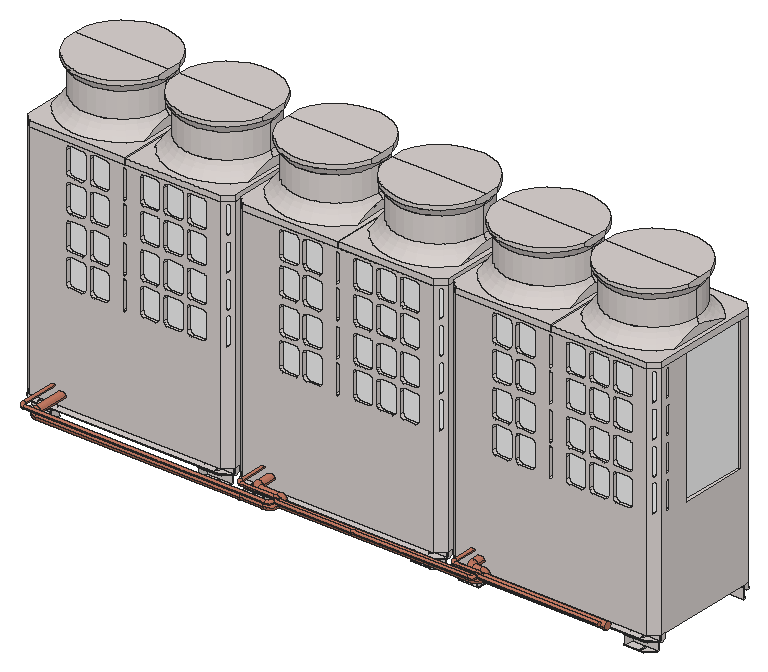
Revit family "PUHY-P1100YSNW-A1", category 機械設備, Revit 2016 (continued)
Definition of nested family "PUHY-P400YNW-A1"
  Lines and regions (mm)
    model lines
      curve 3: line (-481, -197, 95) -> (-351, -197, 95)
      curve 4: line (-492, -280, 95) -> (-492, -208, 95)
      curve 5: arc (-492, -280, 95) -> (-488.778, -287.778, 95) -> (-481, -291, 95) r 11
      curve 6: arc (-351, -291, 95) -> (-344.636, -288.364, 95) -> (-342, -282, 95) r 9
      curve 7: arc (-342, -206, 95) -> (-344.636, -199.636, 95) -> (-351, -197, 95) r 9
      curve 8: arc (-481, -197, 95) -> (-488.778, -200.222, 95) -> (-492, -208, 95) r 11
      curve 9: line (-30, -370, 1521) -> (-30, -370, 95)
      curve 10: line (30, -370, 1521) -> (30, -370, 95)
      curve 11: line (-485, -370, 215) -> (-357, -370, 215)
      curve 12: line (-495, -370, 141) -> (-495, -370, 205)
      curve 13: line (-357, -370, 131) -> (-485, -370, 131)
      curve 14: line (-347, -370, 205) -> (-347, -370, 141)
      curve 15: arc (-485, -370, 215) -> (-492.071, -370, 212.071) -> (-495, -370, 205) r 10
      curve 16: arc (-495, -370, 141) -> (-492.071, -370, 133.929) -> (-485, -370, 131) r 10
      curve 17: arc (-357, -370, 131) -> (-349.929, -370, 133.929) -> (-347, -370, 141) r 10
      curve 18: arc (-347, -370, 205) -> (-349.929, -370, 212.071) -> (-357, -370, 215) r 10
      curve 19: line (-405, -370, 1521) -> (-405, -370, 716)
      curve 20: line (620, -162.3, 1521) -> (620, -162.3, 95)
      curve 21: line (620, 289.2, 1521) -> (620, 289.2, 95)
      curve 22: line (620, -162.3, 705) -> (620, 289.2, 705)
      curve 23: line (620, -162.3, 725) -> (620, 289.2, 725)
      curve 24: line (620, -76.8, 583) -> (620, 203.2, 583)
      curve 25: line (620, 203.2, 563) -> (620, -76.8, 563)
      curve 26: arc (620, -76.8, 583) -> (620, -83.871, 580.071) -> (620, -86.8, 573) r 10
      curve 27: arc (620, -76.8, 563) -> (620, -83.871, 565.929) -> (620, -86.8, 573) r 10
      curve 28: arc (620, 203.2, 583) -> (620, 210.271, 580.071) -> (620, 213.2, 573) r 10
      curve 29: arc (620, 203.2, 563) -> (620, 210.271, 565.929) -> (620, 213.2, 573) r 10
      curve 30: line (620, -76.8, 478) -> (620, 203.2, 478)
      curve 31: line (620, 203.2, 458) -> (620, -76.8, 458)
      curve 32: arc (620, -76.8, 478) -> (620, -83.871, 475.071) -> (620, -86.8, 468) r 10
      curve 33: arc (620, -76.8, 458) -> (620, -83.871, 460.929) -> (620, -86.8, 468) r 10
      curve 34: arc (620, 203.2, 478) -> (620, 210.271, 475.071) -> (620, 213.2, 468) r 10
      curve 35: arc (620, 203.2, 458) -> (620, 210.271, 460.929) -> (620, 213.2, 468) r 10
      curve 36: line (620, -76.8, 373) -> (620, 203.2, 373)
      curve 37: line (620, 203.2, 353) -> (620, -76.8, 353)
      curve 38: arc (620, -76.8, 373) -> (620, -83.871, 370.071) -> (620, -86.8, 363) r 10
      curve 39: arc (620, -76.8, 353) -> (620, -83.871, 355.929) -> (620, -86.8, 363) r 10
      curve 40: arc (620, 203.2, 373) -> (620, 210.271, 370.071) -> (620, 213.2, 363) r 10
      curve 41: arc (620, 203.2, 353) -> (620, 210.271, 355.929) -> (620, 213.2, 363) r 10
      curve 42: line (620, -76.8, 268) -> (620, 203.2, 268)
      curve 43: line (620, 203.2, 248) -> (620, -76.8, 248)
      curve 44: arc (620, -76.8, 268) -> (620, -83.871, 265.071) -> (620, -86.8, 258) r 10
      curve 45: arc (620, -76.8, 248) -> (620, -83.871, 250.929) -> (620, -86.8, 258) r 10
      curve 46: arc (620, 203.2, 268) -> (620, 210.271, 265.071) -> (620, 213.2, 258) r 10
      curve 47: arc (620, 203.2, 248) -> (620, 210.271, 250.929) -> (620, 213.2, 258) r 10
      curve 48: line (-620, -162.3, 1521) -> (-620, -162.3, 95)
      curve 49: line (-620, 235.7, 1521) -> (-620, 235.7, 95)
      curve 50: line (-620, -112.3, 1521) -> (-620, -112.3, 705)
      curve 51: line (-620, 215.7, 1521) -> (-620, 215.7, 705)
      curve 52: line (-620, 235.7, 705) -> (-620, -162.3, 705)
      curve 53: line (-620, 176.7, 268) -> (-620, -103.3, 268)
      curve 54: line (-620, -103.3, 248) -> (-620, 176.7, 248)
      curve 55: arc (-620, 186.7, 258) -> (-620, 183.771, 265.071) -> (-620, 176.7, 268) r 10
      curve 56: arc (-620, 176.7, 248) -> (-620, 183.771, 250.929) -> (-620, 186.7, 258) r 10
      curve 57: arc (-620, -103.3, 268) -> (-620, -110.371, 265.071) -> (-620, -113.3, 258) r 10
      curve 58: arc (-620, -113.3, 258) -> (-620, -110.371, 250.929) -> (-620, -103.3, 248) r 10
      curve 59: line (-620, 176.7, 373) -> (-620, -103.3, 373)
      curve 60: line (-620, -103.3, 353) -> (-620, 176.7, 353)
      curve 61: arc (-620, 186.7, 363) -> (-620, 183.771, 370.071) -> (-620, 176.7, 373) r 10
      curve 62: arc (-620, 176.7, 353) -> (-620, 183.771, 355.929) -> (-620, 186.7, 363) r 10
      curve 63: arc (-620, -103.3, 373) -> (-620, -110.371, 370.071) -> (-620, -113.3, 363) r 10
      curve 64: arc (-620, -113.3, 363) -> (-620, -110.371, 355.929) -> (-620, -103.3, 353) r 10
      curve 65: line (-620, 176.7, 478) -> (-620, -103.3, 478)
      curve 66: line (-620, -103.3, 458) -> (-620, 176.7, 458)
      curve 67: arc (-620, 186.7, 468) -> (-620, 183.771, 475.071) -> (-620, 176.7, 478) r 10
      curve 68: arc (-620, 176.7, 458) -> (-620, 183.771, 460.929) -> (-620, 186.7, 468) r 10
      curve 69: arc (-620, -103.3, 478) -> (-620, -110.371, 475.071) -> (-620, -113.3, 468) r 10
      curve 70: arc (-620, -113.3, 468) -> (-620, -110.371, 460.929) -> (-620, -103.3, 458) r 10
      curve 71: line (-620, 176.7, 583) -> (-620, -103.3, 583)
      curve 72: line (-620, -103.3, 563) -> (-620, 176.7, 563)
      curve 73: arc (-620, 186.7, 573) -> (-620, 183.771, 580.071) -> (-620, 176.7, 583) r 10
      curve 74: arc (-620, 176.7, 563) -> (-620, 183.771, 565.929) -> (-620, 186.7, 573) r 10
      curve 75: arc (-620, -103.3, 583) -> (-620, -110.371, 580.071) -> (-620, -113.3, 573) r 10
      curve 76: arc (-620, -113.3, 573) -> (-620, -110.371, 565.929) -> (-620, -103.3, 563) r 10
      curve 77: line (-544, 370, 1521) -> (-544, 370, 95)
      curve 78: line (489, 370, 649) -> (30, 370, 649)
      curve 79: line (-30.5, 370, 649) -> (-544, 370, 649)
      curve 80: line (-147.25, 370, 584) -> (-427.25, 370, 584)
      curve 81: line (-427.25, 370, 564) -> (-147.25, 370, 564)
      curve 82: arc (-137.25, 370, 574) -> (-140.179, 370, 581.071) -> (-147.25, 370, 584) r 10
      curve 83: arc (-147.25, 370, 564) -> (-140.179, 370, 566.929) -> (-137.25, 370, 574) r 10
      curve 84: arc (-427.25, 370, 584) -> (-434.321, 370, 581.071) -> (-437.25, 370, 574) r 10
      curve 85: arc (-437.25, 370, 574) -> (-434.321, 370, 566.929) -> (-427.25, 370, 564) r 10
      curve 86: circle (448, -185, 1521) r 15 normal (0, 0, 1)
      curve 87: circle (468, -185, 95) r 26 normal (0, 0, 1)
      curve 88: circle (448, -260, 95) r 32.5 normal (0, 0, 1)
      curve 89: circle (404, -204, 95) r 17 normal (0, 0, 1)
      curve 90: line (-550, -370, 1521) -> (-550, -370, 95)
      curve 91: line (-550, -370, 716) -> (-30, -370, 716)
      curve 92: line (550, -370, 95) -> (550, -370, 1521)
      curve 93: line (30, -370, 716) -> (550, -370, 716)
      curve 94: line (-30.5, 370, 1521) -> (-30.5, 370, 95)
      curve 95: line (30, 370, 1521) -> (30, 370, 95)
      curve 96: line (489, 370, 1521) -> (489, 370, 95)
      curve 97: line (467, 370, 669) -> (467, 370, 649)
      curve 98: line (-352, -370, 223) -> (-550, -370, 223)
      curve 99: line (-342, -370, 213) -> (-342, -370, 95)
      curve 100: arc (-342, -370, 213) -> (-344.929, -370, 220.071) -> (-352, -370, 223) r 10
      curve 101: circle (488, -370, 160) r 32.5 normal (0, -1, 0)
      curve 102: circle (488, -370, 160) r 20 normal (0, -1, 0)
      curve 103: circle (364, -370, 150) r 17 normal (0, -1, 0)
      curve 104: circle (413, -370, 185) r 26 normal (0, -1, 0)
      curve 105: circle (413, -370, 185) r 13.5 normal (0, -1, 0)
      curve 106: line (352, -370, 223) -> (550, -370, 223)
      curve 107: line (342, -370, 213) -> (342, -370, 95)
      curve 108: arc (342, -370, 213) -> (344.929, -370, 220.071) -> (352, -370, 223) r 10
      curve 109: line (-147.25, 370, 479) -> (-427.25, 370, 479)
      curve 110: line (-427.25, 370, 459) -> (-147.25, 370, 459)
      curve 111: arc (-137.25, 370, 469) -> (-140.179, 370, 476.071) -> (-147.25, 370, 479) r 10
      curve 112: arc (-147.25, 370, 459) -> (-140.179, 370, 461.929) -> (-137.25, 370, 469) r 10
      curve 113: arc (-427.25, 370, 479) -> (-434.321, 370, 476.071) -> (-437.25, 370, 469) r 10
      curve 114: arc (-437.25, 370, 469) -> (-434.321, 370, 461.929) -> (-427.25, 370, 459) r 10
      curve 115: line (-147.25, 370, 374) -> (-427.25, 370, 374)
      curve 116: line (-427.25, 370, 354) -> (-147.25, 370, 354)
      curve 117: arc (-137.25, 370, 364) -> (-140.179, 370, 371.071) -> (-147.25, 370, 374) r 10
      curve 118: arc (-147.25, 370, 354) -> (-140.179, 370, 356.929) -> (-137.25, 370, 364) r 10
      curve 119: arc (-427.25, 370, 374) -> (-434.321, 370, 371.071) -> (-437.25, 370, 364) r 10
      curve 120: arc (-437.25, 370, 364) -> (-434.321, 370, 356.929) -> (-427.25, 370, 354) r 10
      curve 121: line (-147.25, 370, 269) -> (-427.25, 370, 269)
      curve 122: line (-427.25, 370, 249) -> (-147.25, 370, 249)
      curve 123: arc (-137.25, 370, 259) -> (-140.179, 370, 266.071) -> (-147.25, 370, 269) r 10
      curve 124: arc (-147.25, 370, 249) -> (-140.179, 370, 251.929) -> (-137.25, 370, 259) r 10
      curve 125: arc (-427.25, 370, 269) -> (-434.321, 370, 266.071) -> (-437.25, 370, 259) r 10
      curve 126: arc (-437.25, 370, 259) -> (-434.321, 370, 251.929) -> (-427.25, 370, 249) r 10
      curve 127: line (399.5, 370, 584) -> (119.5, 370, 584)
      curve 128: line (119.5, 370, 564) -> (399.5, 370, 564)
      curve 129: arc (409.5, 370, 574) -> (406.571, 370, 581.071) -> (399.5, 370, 584) r 10
      curve 130: arc (399.5, 370, 564) -> (406.571, 370, 566.929) -> (409.5, 370, 574) r 10
      curve 131: arc (119.5, 370, 584) -> (112.429, 370, 581.071) -> (109.5, 370, 574) r 10
      curve 132: arc (109.5, 370, 574) -> (112.429, 370, 566.929) -> (119.5, 370, 564) r 10
      curve 133: line (399.5, 370, 479) -> (119.5, 370, 479)
      curve 134: line (119.5, 370, 459) -> (399.5, 370, 459)
      curve 135: arc (409.5, 370, 469) -> (406.571, 370, 476.071) -> (399.5, 370, 479) r 10
      curve 136: arc (399.5, 370, 459) -> (406.571, 370, 461.929) -> (409.5, 370, 469) r 10
      curve 137: arc (119.5, 370, 479) -> (112.429, 370, 476.071) -> (109.5, 370, 469) r 10
      curve 138: arc (109.5, 370, 469) -> (112.429, 370, 461.929) -> (119.5, 370, 459) r 10
      curve 139: line (399.5, 370, 374) -> (119.5, 370, 374)
      curve 140: line (119.5, 370, 354) -> (399.5, 370, 354)
      curve 141: arc (409.5, 370, 364) -> (406.571, 370, 371.071) -> (399.5, 370, 374) r 10
      curve 142: arc (399.5, 370, 354) -> (406.571, 370, 356.929) -> (409.5, 370, 364) r 10
      curve 143: arc (119.5, 370, 374) -> (112.429, 370, 371.071) -> (109.5, 370, 364) r 10
      curve 144: arc (109.5, 370, 364) -> (112.429, 370, 356.929) -> (119.5, 370, 354) r 10
      curve 145: line (399.5, 370, 269) -> (119.5, 370, 269)
      curve 146: line (119.5, 370, 249) -> (399.5, 370, 249)
      curve 147: arc (409.5, 370, 259) -> (406.571, 370, 266.071) -> (399.5, 370, 269) r 10
      curve 148: arc (399.5, 370, 249) -> (406.571, 370, 251.929) -> (409.5, 370, 259) r 10
      curve 149: arc (119.5, 370, 269) -> (112.429, 370, 266.071) -> (109.5, 370, 259) r 10
      curve 150: arc (109.5, 370, 259) -> (112.429, 370, 251.929) -> (119.5, 370, 249) r 10
      curve 151: line (399.5, -370, 584) -> (119.5, -370, 584)
      curve 152: line (119.5, -370, 564) -> (399.5, -370, 564)
      curve 153: arc (409.5, -370, 574) -> (406.571, -370, 581.071) -> (399.5, -370, 584) r 10
      curve 154: arc (399.5, -370, 564) -> (406.571, -370, 566.929) -> (409.5, -370, 574) r 10
      curve 155: arc (119.5, -370, 584) -> (112.429, -370, 581.071) -> (109.5, -370, 574) r 10
      curve 156: arc (109.5, -370, 574) -> (112.429, -370, 566.929) -> (119.5, -370, 564) r 10
      curve 157: line (399.5, -370, 479) -> (119.5, -370, 479)
      curve 158: line (119.5, -370, 459) -> (399.5, -370, 459)
      curve 159: arc (409.5, -370, 469) -> (406.571, -370, 476.071) -> (399.5, -370, 479) r 10
      curve 160: arc (399.5, -370, 459) -> (406.571, -370, 461.929) -> (409.5, -370, 469) r 10
      curve 161: arc (119.5, -370, 479) -> (112.429, -370, 476.071) -> (109.5, -370, 469) r 10
      curve 162: arc (109.5, -370, 469) -> (112.429, -370, 461.929) -> (119.5, -370, 459) r 10
      curve 163: line (399.5, -370, 374) -> (119.5, -370, 374)
      curve 164: line (119.5, -370, 354) -> (399.5, -370, 354)
      curve 165: arc (409.5, -370, 364) -> (406.571, -370, 371.071) -> (399.5, -370, 374) r 10
      curve 166: arc (399.5, -370, 354) -> (406.571, -370, 356.929) -> (409.5, -370, 364) r 10
      curve 167: arc (119.5, -370, 374) -> (112.429, -370, 371.071) -> (109.5, -370, 364) r 10
      curve 168: arc (109.5, -370, 364) -> (112.429, -370, 356.929) -> (119.5, -370, 354) r 10
      curve 169: arc (119.5, -370, 269) -> (112.429, -370, 266.071) -> (109.5, -370, 259) r 10
      curve 170: arc (109.5, -370, 259) -> (112.429, -370, 251.929) -> (119.5, -370, 249) r 10
      curve 171: line (-147.25, -370, 584) -> (-427.25, -370, 584)
      curve 172: line (-427.25, -370, 564) -> (-147.25, -370, 564)
      curve 173: arc (-137.25, -370, 574) -> (-140.179, -370, 581.071) -> (-147.25, -370, 584) r 10
      curve 174: arc (-147.25, -370, 564) -> (-140.179, -370, 566.929) -> (-137.25, -370, 574) r 10
      curve 175: arc (-427.25, -370, 584) -> (-434.321, -370, 581.071) -> (-437.25, -370, 574) r 10
      curve 176: arc (-437.25, -370, 574) -> (-434.321, -370, 566.929) -> (-427.25, -370, 564) r 10
      curve 177: line (-147.25, -370, 479) -> (-427.25, -370, 479)
      curve 178: line (-427.25, -370, 459) -> (-147.25, -370, 459)
      curve 179: arc (-137.25, -370, 469) -> (-140.179, -370, 476.071) -> (-147.25, -370, 479) r 10
      curve 180: arc (-147.25, -370, 459) -> (-140.179, -370, 461.929) -> (-137.25, -370, 469) r 10
      curve 181: arc (-427.25, -370, 479) -> (-434.321, -370, 476.071) -> (-437.25, -370, 469) r 10
      curve 182: arc (-437.25, -370, 469) -> (-434.321, -370, 461.929) -> (-427.25, -370, 459) r 10
      curve 183: line (-147.25, -370, 374) -> (-427.25, -370, 374)
      curve 184: line (-427.25, -370, 354) -> (-147.25, -370, 354)
      curve 185: arc (-137.25, -370, 364) -> (-140.179, -370, 371.071) -> (-147.25, -370, 374) r 10
      curve 186: arc (-147.25, -370, 354) -> (-140.179, -370, 356.929) -> (-137.25, -370, 364) r 10
      curve 187: arc (-427.25, -370, 374) -> (-434.321, -370, 371.071) -> (-437.25, -370, 364) r 10
      curve 188: arc (-437.25, -370, 364) -> (-434.321, -370, 356.929) -> (-427.25, -370, 354) r 10
      curve 189: line (-147.25, -370, 269) -> (-262.25, -370, 269)
      curve 190: line (-262.25, -370, 249) -> (-147.25, -370, 249)
      curve 191: arc (-137.25, -370, 259) -> (-140.179, -370, 266.071) -> (-147.25, -370, 269) r 10
      curve 192: arc (-147.25, -370, 249) -> (-140.179, -370, 251.929) -> (-137.25, -370, 259) r 10
      curve 193: arc (-262.25, -370, 269) -> (-269.321, -370, 266.071) -> (-272.25, -370, 259) r 10
      curve 194: arc (-272.25, -370, 259) -> (-269.321, -370, 251.929) -> (-262.25, -370, 249) r 10
      curve 195: line (234.5, -370, 269) -> (119.5, -370, 269)
      curve 196: line (119.5, -370, 249) -> (234.5, -370, 249)
      curve 197: arc (244.5, -370, 259) -> (241.571, -370, 266.071) -> (234.5, -370, 269) r 10
      curve 198: arc (234.5, -370, 249) -> (241.571, -370, 251.929) -> (244.5, -370, 259) r 10
  Dimensions and locks
    nested 2 to nested 2 = 303.000 mm
    cut or joined group 1 (Extrusion 1, Extrusion 2, Extrusion 3, Extrusion 4, Extrusion 5, Extrusion 6, Extrusion 7, Extrusion 8, Extrusion 9, Extrusion 10, Extrusion 11, Extrusion 12, Extrusion 13, Extrusion 14, Extrusion 15, Extrusion 16, Extrusion 17, Extrusion 18, Extrusion 19, Extrusion 20, Extrusion 21, Extrusion 22, Extrusion 23, Extrusion 24, Extrusion 25, Extrusion 26, Extrusion 27, Extrusion 28, Extrusion 29, Extrusion 30, Extrusion 31, Extrusion 32, Extrusion 33) to cut or joined group 1 = 1240.000 mm
    Extrusion 2 sketch curve to Extrusion 2 sketch curve = 116.800 mm
    Extrusion 2 sketch curve to Extrusion 2 sketch curve = 170.800 mm
    Extrusion 3 sketch curve to Extrusion 3 sketch curve = 116.800 mm
    Extrusion 3 sketch curve to Extrusion 3 sketch curve = 170.800 mm
    Extrusion 4 sketch curve to Extrusion 4 sketch curve = 116.800 mm
    Extrusion 4 sketch curve to Extrusion 4 sketch curve = 170.800 mm
    Extrusion 5 sketch curve to Extrusion 5 sketch curve = 116.800 mm
    Extrusion 5 sketch curve to Extrusion 5 sketch curve = 170.800 mm
    Extrusion 6 sketch curve to Extrusion 6 sketch curve = 116.800 mm
    Extrusion 6 sketch curve to Extrusion 6 sketch curve = 170.800 mm
    Extrusion 7 sketch curve to Extrusion 7 sketch curve = 116.800 mm
    Extrusion 7 sketch curve to Extrusion 7 sketch curve = 170.800 mm
    Extrusion 8 sketch curve to Extrusion 8 sketch curve = 116.800 mm
    Extrusion 8 sketch curve to Extrusion 8 sketch curve = 170.800 mm
    Extrusion 9 sketch curve to Extrusion 9 sketch curve = 116.800 mm
    Extrusion 9 sketch curve to Extrusion 9 sketch curve = 170.800 mm
    cut or joined group 1 to cut or joined group 1 = 50.000 mm  (x2)
    Extrusion 10 sketch curve to Extrusion 10 sketch curve = 116.800 mm
    Extrusion 10 sketch curve to Extrusion 10 sketch curve = 170.800 mm
    Extrusion 11 sketch curve to Extrusion 11 sketch curve = 116.800 mm
    Extrusion 11 sketch curve to Extrusion 11 sketch curve = 170.800 mm
    Extrusion 12 sketch curve to Extrusion 12 sketch curve = 116.800 mm
    Extrusion 12 sketch curve to Extrusion 12 sketch curve = 170.800 mm
    Extrusion 13 sketch curve to Extrusion 13 sketch curve = 116.800 mm
    Extrusion 13 sketch curve to Extrusion 13 sketch curve = 170.800 mm
    Extrusion 14 sketch curve to Extrusion 14 sketch curve = 116.800 mm
    Extrusion 14 sketch curve to Extrusion 14 sketch curve = 170.800 mm
    Extrusion 15 sketch curve to Extrusion 15 sketch curve = 116.800 mm
    Extrusion 15 sketch curve to Extrusion 15 sketch curve = 170.800 mm
    Extrusion 16 sketch curve to Extrusion 16 sketch curve = 116.800 mm
    Extrusion 16 sketch curve to Extrusion 16 sketch curve = 170.800 mm
    Extrusion 17 sketch curve to Extrusion 17 sketch curve = 116.800 mm
    Extrusion 17 sketch curve to Extrusion 17 sketch curve = 170.800 mm
    Extrusion 18 sketch curve to Extrusion 18 sketch curve = 116.800 mm
    Extrusion 18 sketch curve to Extrusion 18 sketch curve = 170.800 mm
    Extrusion 19 sketch curve to Extrusion 19 sketch curve = 116.800 mm
    Extrusion 19 sketch curve to Extrusion 19 sketch curve = 170.800 mm
    Extrusion 20 sketch curve to Extrusion 20 sketch curve = 116.800 mm
    Extrusion 20 sketch curve to Extrusion 20 sketch curve = 170.800 mm
    Extrusion 21 sketch curve to Extrusion 21 sketch curve = 116.800 mm
    Extrusion 21 sketch curve to Extrusion 21 sketch curve = 170.800 mm
    plane 3 "Center (Left/Right)" to cut or joined group 1 = 620.000 mm
    cut or joined group 1 to plane 3 "Center (Left/Right)" = 620.000 mm
    Extrusion 1 sketch curve to Extrusion 1 sketch curve = 1240.000 mm
    cut or joined group 1 to plane 8 = 185.000 mm
    cut or joined group 1 to plane 7 = 166.000 mm
    cut or joined group 1 to plane 6 = 110.000 mm
    cut or joined group 1 to plane 12 to cut or joined group 1 = 805.000 mm, 621.000 mm
    plane 5 to plane 2 = 1858.000 mm  (x2)
    cut or joined group 1 to plane 19 "132" = 132.000 mm
    cut or joined group 1 to plane 22 = 207.000 mm
    cut or joined group 1 to plane 23 = 256.000 mm
    cut or joined group 1 to plane 6 = 60.000 mm
    cut or joined group 1 to cut or joined group 1 = 42.154 mm
    cut or joined group 1 to cut or joined group 1 = 11.895 mm
    nested 1 to nested 3 to level = 1798.000 mm, 60.000 mm
    nested 1 to nested 1 = 303.000 mm
    nested 1 to nested 3 = 1495.000 mm
    nested 8 to nested 8 to nested 8 to nested 7 to nested 7 to nested 7 = 54.000 mm, 20.000 mm, 592.000 mm, 20.000 mm, 54.000 mm
    nested 3 to nested 3 = 56.000 mm
    plane 11 to plane 31 to plane 32 to cut or joined group 1 = 90.000 mm, 1060.000 mm, 90.000 mm
    curve 103 to nested 7 = 90.000 mm
    curve 104 to nested 7 = 125.000 mm
    curve 101 to nested 7 = 100.000 mm
    curve 11 to curve 13 to nested 7 = 84.000 mm, 71.000 mm
    cut or joined group 1 to curve 12 to curve 14 = 125.000 mm, 148.000 mm
    nested 2 to nested 7 = 1495.000 mm
    curve 87 to cut or joined group 1 = 152.000 mm
    curve 88 to cut or joined group 1 = 172.000 mm
    curve 89 to cut or joined group 1 = 216.000 mm
    cut or joined group 1 to curve 4 to curve 2 = 128.000 mm, 150.000 mm
    cut or joined group 1 to curve 1 to curve 3 = 79.000 mm, 94.000 mm
    Extrusion 32 sketch curve to nested 7 = 116.000 mm
    cut or joined group 1 to Extrusion 32 sketch curve = 160.000 mm
    cut or joined group 1 to Extrusion 33 sketch curve = 243.000 mm
    Extrusion 33 sketch curve to nested 7 = 116.000 mm
    aligned and locked: level to plane 2
    aligned and locked: Extrusion 1 to plane 4
  Nested families
    nested 1: "FAN GUARD" at (-311.5, 2, 860), type "FAN GUARD"
      with WIDTH 870.000 mm
    nested 2: "FAN GUARD" at (311.5, 2, 860) x (-1, 0, 0) z (0, 0, 1), type "FAN GUARD"
      with WIDTH 870.000 mm
    nested 3: "ATTACHMENT LEG" at (-524, -349, 0), type "ATTACHMENT LEG"
    nested 4: "ATTACHMENT LEG" at (-524, 349, 0), type "ATTACHMENT LEG"
    nested 5: "ATTACHMENT LEG" at (524, -349, 0) x (-1, 0, 0) z (0, 0, 1), type "ATTACHMENT LEG"
    nested 6: "ATTACHMENT LEG" at (524, 349, 0) x (-1, 0, 0) z (0, 0, 1), type "ATTACHMENT LEG"
    nested 7: "BASE LEG_L_" at (0, -352, 60), type "BASE LEG_L_"
      with Width 1240.000 mm
    nested 8: "BASE LEG_L_" at (0, 352, 60), type "BASE LEG_L_"
      with Width 1240.000 mm
  Connectors
    piping at (-460, -191, 176), diameter 25.4, driven by "Liquid pipe_radius"
      settings: on cut or joined group 1, index 3, connector inside diameter 25.4 mm, connector length 0.000 mm, flow factor 0, pipe flow 0.0 L/s, pressure drop 0.0 Pa, fitting loss kfactor 0, connector angle 0.00°, fixture units 0, engagement length 0.000 mm, angle of deflection 0.00°, flow configuration 0, flow direction 0, fitting loss method 0, system type 22, joint type 0, gender type 0, connector reference index -1, connector utility 0, adjustable connector no, is connector primary yes, connector description "Refrigerant service valve<Liquid pipe>"
    piping at (-377, -191, 176), diameter 28.58, driven by "Gas pipe_radius"
      settings: on cut or joined group 1, index 4, connector inside diameter 28.58 mm, connector length 0.000 mm, flow factor 0, pipe flow 0.0 L/s, pressure drop 0.0 Pa, fitting loss kfactor 0, connector angle 0.00°, fixture units 0, engagement length 0.000 mm, angle of deflection 0.00°, flow configuration 0, flow direction 0, fitting loss method 0, system type 22, joint type 0, gender type 0, connector reference index -1, connector utility 0, adjustable connector no, is connector primary no, connector description "Refrigerant service valve<Gas>"
    electrical at (0, -370, 808)
      settings: on cut or joined group 1, index 5, voltage 0 V, apparent load 0 VA, apparent load phase1 0 VA, apparent load phase2 0 VA, apparent load phase3 0 VA, power factor 1, load classification none, number of poles 1, system type 30, power factor state 1, is connector primary yes, connector utility no, sub classification motor no, connector description ""
  Definition of nested family "FAN GUARD"
    Parameters
      WIDTH [instance] = 870.000 mm
    Reference planes
      plane 1 "中心(正面/背面)": y = -2
      plane 2: z = 0
      plane 3 "ファンガード基準面": z = 661
      plane 4: y = 368
      plane 5: x = 366
      plane 6: x = -375
      plane 7 "ファンガード基準上面": z = 695
      plane 8 "ファンガード上面": z = 998
      plane 9: x = -273.971
      plane 10: x = 308.5
      plane 11: x = -308.5
      plane 12: x = 0
    Forms (mm)
      Extrusion 1, solid
        sketch origin (85, 0, 661) x (-1, 0, 0) y (0, -1, 0)
          loop
            line (343.5, -368) -> (393.5, -318) -> (393.5, 322) -> (343.5, 372) -> (-223.5, 372) -> (-223.5, -368) -> (343.5, -368)
        from 0 to 34
      Revolve 2, solid
        sketch origin (0, -2, 0) x (1, 0, 0) y (0, 0, 1)
          loop
            line (0, 695) -> (0, 998) -> (-290, 998) -> (-290, 972.327) -> (-260, 928.372) -> (-260, 777.384)
            arc (-260, 777.384) -> (-290.651, 730.137) -> (-334.665, 695) r 175.882
            line (-334.665, 695) -> (0, 695)
          axis (0, 998) -> (0, 695)
        angle from 0 to 360
      Extrusion 3, void
        sketch origin (-840, 75, 695) x (-1, 0, 0) y (0, -1, 0)
          loop
            line (-410, -165) -> (-410, 315) -> (-561.253, 315) -> (-561.253, -165) -> (-410, -165)
        from -35 to 430.592
      Extrusion 4, void
        sketch origin (840, 75, 695) x (1, 0, 0) y (0, 1, 0)
          loop
            line (-410, 165) -> (-561.253, 165) -> (-561.253, -315) -> (-410, -315) -> (-410, 165)
        from 0 to 430.592
    Cuts and joins
      Extrusion 3, Extrusion 4 cuts Revolve 2
      Extrusion 4 cuts Extrusion 1
    Lines and regions (mm)
      model lines
        curve 1: line (-278.747, 0, 998) -> (-80, 0, 998)
        curve 2: line (80, 0, 998) -> (278.747, 0, 998)
        curve 3: circle (0, 0, 998) r 80 normal (0, 0, 1)
        curve 4: line (-278.747, -80, 998) -> (278.747, -80, 998)
        curve 5: line (-241.868, -160, 998) -> (241.868, -160, 998)
        curve 6: line (-162.788, -240, 998) -> (162.788, -240, 998)
        curve 7: line (-278.747, 80, 998) -> (278.747, 80, 998)
        curve 8: line (-241.868, 160, 998) -> (240, 160, 998)
        curve 9: line (-160, 240, 998) -> (162.788, 240, 998)
        curve 10: line (0, 290, 998) -> (0, -290, 998)
        curve 11: line (-20, 289.31, 998) -> (-20, -289.31, 998)
        curve 12: line (-40, 287.228, 998) -> (-40, -287.228, 998)
        curve 13: line (-60, 283.725, 998) -> (-60, -283.725, 998)
        curve 14: line (-80, 278.747, 998) -> (-80, -278.747, 998)
        curve 15: line (20, 289.31, 998) -> (20, -289.31, 998)
        curve 16: line (40, 287.228, 998) -> (40, -287.228, 998)
        curve 17: line (60, 283.725, 998) -> (60, -283.725, 998)
        curve 18: line (80, 278.747, 998) -> (80, -278.747, 998)
        curve 19: line (100, 272.213, 998) -> (100, -272.213, 998)
        curve 20: line (120, 264.008, 998) -> (120, -264.008, 998)
        curve 21: line (140, 253.969, 998) -> (140, -253.969, 998)
        curve 22: line (160, 241.868, 998) -> (160, -243.132, 998)
        curve 23: line (180, 227.376, 998) -> (180, -227.624, 998)
        curve 24: line (200, 210, 998) -> (200, -210, 998)
        curve 25: line (220, 188.944, 998) -> (220, -188.944, 998)
        curve 26: line (240, 160, 998) -> (240, -162.788, 998)
        curve 27: line (260, 128.452, 998) -> (260, -128.452, 998)
        curve 28: line (-100, 272.213, 998) -> (-100, -272.213, 998)
        curve 29: line (-120, 264.008, 998) -> (-120, -264.008, 998)
        curve 30: line (-140, 253.969, 998) -> (-140, -253.969, 998)
        curve 31: line (-160, 240, 998) -> (-160, -241.868, 998)
        curve 32: line (-180, 227.376, 998) -> (-180, -227.376, 998)
        curve 33: line (-200, 210, 998) -> (-200, -210, 998)
        curve 34: line (-220, 188.944, 998) -> (-220, -188.944, 998)
        curve 35: line (-240, 162.788, 998) -> (-240, -162.788, 998)
        curve 36: line (-260, 128.452, 998) -> (-260, -128.452, 998)
        curve 37: line (10, 79.373, 998) -> (10, -79.373, 998)
        curve 38: line (-10, 79.373, 998) -> (-10, -79.373, 998)
        curve 39: line (30, 74.162, 998) -> (30, -74.162, 998)
        curve 40: line (50, 62.45, 998) -> (50, -62.45, 998)
        curve 41: line (70, 38.73, 998) -> (70, -38.73, 998)
        curve 42: line (-30, 74.162, 998) -> (-30, -74.162, 998)
        curve 43: line (-50, 62.45, 998) -> (-50, -62.45, 998)
        curve 44: line (-70, 38.73, 998) -> (-70, -38.73, 998)
    Dimensions and locks
      locked: plane 8 "ファンガード上面" to plane 7 "ファンガード基準上面" at 303
      plane 8 "ファンガード上面" to plane 3 "ファンガード基準面" = 337.000 mm
      Revolve 2 sketch curve to Revolve 2 sketch curve = 290.000 mm
      Extrusion 1 sketch curve to Extrusion 1 sketch curve = 740.000 mm
      equal spacing: Extrusion 1 sketch curve, plane 1 "中心(正面/背面)", Extrusion 1 sketch curve
      plane 6 to plane 5 = 741.000 mm
      Extrusion 1 sketch curve to Extrusion 1 sketch curve = 617.000 mm
      plane 11 to plane 10 = 617.000 mm
      cut or joined group of Extrusion 1, Extrusion 4 to cut or joined group of Extrusion 1, Extrusion 4 = 617.000 mm
      cut or joined group of Extrusion 1, Extrusion 4 to cut or joined group of Extrusion 1, Extrusion 4 = 740.000 mm
      aligned and locked: level to plane 2
      aligned and locked: plane 7 "ファンガード基準上面" to Extrusion 1
      aligned and locked: plane 3 "ファンガード基準面" to Extrusion 1
      aligned and locked: cut or joined group of Revolve 2, Extrusion 3, Extrusion 4 to plane 8 "ファンガード上面"
  Definition of nested family "ATTACHMENT LEG"
    Parameters
      Width = 145.000 mm
    Reference planes
      plane 1: z = 0
      plane 2 "中心(左/右)": x = -6
      plane 3: x = -52
      plane 4: x = 85
      plane 5: x = 93
      plane 6: y = -21
      plane 7: y = 27
      plane 8: x = -30
      plane 9: y = 39
      plane 10: z = 60
      plane 11: z = 57
      plane 12: z = 3
      plane 13: x = 82
      plane 14: y = 36
      plane 15: x = -75
      plane 16: y = 31
      plane 17 "幅": x = 93
      plane 18: y = 2.5
      plane 19: y = 21
      plane 20: y = -10
    Forms (mm)
      Extrusion 1, solid
        sketch origin (0, -1, 0) x (1, 0, 0) y (0, 1, 0)
          loop
            line (-75, 36) -> (-75, 27) -> (-28, -20) -> (93, -20) -> (93, 32) -> (85, 32) -> (85, 36) -> (-75, 36)
        from 0 to 60
      Extrusion 2, void
        sketch origin (0, -3, 0) x (1, 0, 0) y (0, 0, 1)
          loop
            line (-75, 57) -> (-75, 3) -> (82, 3) -> (82, 57) -> (-75, 57)
          loop
            line (93, 57) -> (85, 57) -> (85, 3) -> (93, 3) -> (93, 57)
        from -35 to 18
      Extrusion 3, void
        sketch origin (-6, 5.5, 0) x (1, 0, 0) y (0, 1, 0)
          loop
            arc (-7, -8.5) -> (0, -15.5) -> (7, -8.5) r 7
            line (7, -8.5) -> (7, 8.5)
            arc (7, 8.5) -> (0, 15.5) -> (-7, 8.5) r 7
            line (-7, 8.5) -> (-7, -8.5)
        from 0 to 60
    Cuts and joins
      Extrusion 2, Extrusion 3 cuts Extrusion 1
    Dimensions and locks
      locked: plane 3 to plane 4 at 137
      locked: plane 3 to plane 5 at 145
      plane 6 to plane 7 = 48.000 mm
      locked: plane 10 to level at 60
      Extrusion 3 sketch curve to plane 2 "中心(左/右)" = 7.000 mm
      locked: plane 15 to plane 2 "中心(左/右)" at 69
      locked: plane 15 to plane 8 at 45
      locked: plane 6 to plane 18 at 23.5
      cut or joined group of Extrusion 1, Extrusion 2, Extrusion 3 to cut or joined group of Extrusion 1, Extrusion 2, Extrusion 3 = 168.000 mm
      cut or joined group of Extrusion 1, Extrusion 2, Extrusion 3 to cut or joined group of Extrusion 1, Extrusion 2, Extrusion 3 = 56.000 mm  (x2)
      plane 14 to plane 6 = 57.000 mm
      aligned and locked: level to plane 1
      aligned and locked: Extrusion 1 sketch curve to plane 4
      aligned and locked: Extrusion 1 sketch curve to plane 5
      aligned: plane 8 to Extrusion 1 sketch curve
      aligned and locked: plane 10 to Extrusion 1
      aligned and locked: Extrusion 2 sketch curve to plane 11
      aligned: plane 3 to Extrusion 2 sketch curve
      aligned and locked: plane 12 to Extrusion 2 sketch curve
      aligned and locked: Extrusion 2 sketch curve to plane 13
      aligned and locked: plane 6 to Extrusion 2
      aligned and locked: plane 11 to Extrusion 2 sketch curve
      aligned and locked: plane 5 to Extrusion 2 sketch curve
      aligned and locked: Extrusion 2 sketch curve to plane 12
      aligned and locked: Extrusion 2 sketch curve to plane 4
      aligned and locked: plane 15 to Extrusion 1 sketch curve
      aligned and locked: Extrusion 2 sketch curve to cut or joined group of Extrusion 1, Extrusion 2, Extrusion 3
      aligned and locked: Extrusion 1 to plane 16
  Definition of nested family "BASE LEG_L_"
    Parameters
      Width [instance] = 1240.000 mm
    Reference planes
      plane 1 "中心(正面/背面)": y = 0
      plane 2: z = 0
      plane 3 "中心(左/右)": x = 0
      plane 4: x = 620
      plane 5: x = -620
      plane 6: x = -530
      plane 7: x = 530
      plane 8: y = -18
      plane 9: y = 39
      plane 10: z = 53
      plane 11: y = 42
      plane 12: y = 27
      plane 13: x = 575
      plane 14: x = -575
      plane 15: z = 8
      plane 16: y = 11.5
      plane 17: z = 35
    Forms (mm)
      Extrusion 1, solid
        sketch origin (0, 0, 0) x (0, 1, 0) y (0, 0, 1)
          loop
            line (-18, 0) -> (36, 0) -> (36, 32) -> (56, 32) -> (56, 35) -> (33, 35) -> (33, 3) -> (-18, 3) -> (-18, 0)
        from -620 to 620
      Extrusion 2, void
        sketch origin (0, 0, 0) x (1, 0, 0) y (0, 1, 0)
          loop
            line (575, -18) -> (620, -18) -> (620, 27) -> (575, -18)
          loop
            line (-575, -18) -> (-620, 27) -> (-620, -18) -> (-575, -18)
        from 0 to 250
      Extrusion 3, void
        sketch origin (0, 12.023, 0) x (1, 0, 0) y (0, 1, 0)
          loop
            arc (523, -2.971) -> (530, -9.971) -> (537, -2.971) r 7
            line (537, -2.971) -> (537, 3.023)
            arc (537, 3.023) -> (530, 10.023) -> (523, 3.023) r 7
            line (523, 3.023) -> (523, -2.971)
          loop
            line (-523, -2.971) -> (-523, 3.023)
            arc (-523, 3.023) -> (-530, 10.023) -> (-537, 3.023) r 7
            line (-537, 3.023) -> (-537, -2.971)
            arc (-537, -2.971) -> (-530, -9.971) -> (-523, -2.971) r 7
        from 0 to 250
      Extrusion 4, solid
        sketch origin (0, 0, -3) x (1, 0, 0) y (0, 0, 1)
          loop
            line (617, 8) -> (620, 8) -> (620, 35) -> (617, 35) -> (617, 8)
          loop
            line (-617, 8) -> (-617, 35) -> (-620, 35) -> (-620, 8) -> (-617, 8)
        from -36 to -56
      Extrusion 5, solid
        sketch origin (150, 352, 0) x (1, 0, 0) y (0, 1, 0)
          loop
            line (460, -319) -> (455, -319) -> (455, -320) -> (405, -370) -> (410, -370) -> (460, -320) -> (460, -319)
        from 3 to 35
      Extrusion 6, void
        sketch origin (560, -18, 0) x (0.707107, 0.707107, 0) y (0, 0, 1)
          loop
            line (70.711, 3) -> (-6.741, 39.767) -> (-6.741, 3) -> (70.711, 3)
        from -190.256 to 23.776
      Extrusion 7, solid
        sketch origin (-150, 352, 0) x (-1, 0, 0) y (0, -1, 0)
          loop
            line (460, 319) -> (460, 320) -> (410, 370) -> (405, 370) -> (455, 320) -> (455, 319) -> (460, 319)
        from 3 to 35
      Extrusion 8, void
        sketch origin (-560, -18, 0) x (0.707107, -0.707107, 0) y (0, 0, -1)
          loop
            line (-70.711, -3) -> (0, -35) -> (6.741, -35) -> (6.741, -3) -> (-70.711, -3)
        from -190.256 to 23.776
    Cuts and joins
      Extrusion 2, Extrusion 3 cuts Extrusion 1
      joined: Extrusion 1, Extrusion 4
      Extrusion 8 cuts Extrusion 7
      Extrusion 6 cuts Extrusion 5
    Dimensions and locks
      "Width": plane 5 to plane 4
      equal spacing: plane 5, plane 3 "中心(左/右)", plane 4
      locked: plane 5 to plane 6 at 90
      locked: plane 7 to plane 4 at 90
      locked: plane 8 to plane 9 at 57
      locked: plane 10 to level at 53
      locked: plane 9 to plane 11 at 3
      plane 8 to plane 12 = 45.000 mm
      locked: plane 13 to plane 4 at 45
      locked: plane 5 to plane 14 at 45
      equal spacing: Extrusion 3 sketch curve, plane 7, Extrusion 3 sketch curve
      equal spacing: Extrusion 3 sketch curve, plane 6, Extrusion 3 sketch curve
      locked: plane 10 to plane 15 at 45
      locked: cut or joined group of Extrusion 1, Extrusion 2, Extrusion 3, Extrusion 4 to Extrusion 4 sketch curve at 3  (x2)
      locked: plane 8 to plane 16 at 29.5
      plane 8 to plane 11 = 60.000 mm
      cut or joined group of Extrusion 1, Extrusion 2, Extrusion 3, Extrusion 4 to cut or joined group of Extrusion 1, Extrusion 2, Extrusion 3, Extrusion 4 = 35.000 mm
      aligned and locked: level to plane 2
      aligned and locked: plane 8 to Extrusion 1 sketch curve
      aligned and locked: plane 4 to Extrusion 1
      aligned and locked: Extrusion 1 to plane 5
      aligned and locked: Extrusion 2 sketch curve to plane 4
      aligned and locked: Extrusion 2 sketch curve to plane 8
      aligned and locked: plane 12 to Extrusion 2 sketch curve
      aligned and locked: plane 13 to Extrusion 2 sketch curve
      aligned and locked: plane 4 to Extrusion 4 sketch curve
      aligned and locked: plane 5 to Extrusion 4 sketch curve
      aligned and locked: cut or joined group of Extrusion 7, Extrusion 8 to cut or joined group of Extrusion 1, Extrusion 2, Extrusion 3, Extrusion 4
    Automatic sketch dimensions
      Extrusion 3 sketch curve to plane 1 "中心(正面/背面)" = 9.052 mm  (x2)
      Extrusion 3 sketch curve to plane 7 = 7.000 mm
      Extrusion 3 sketch curve to plane 1 "中心(正面/背面)" = 15.046 mm  (x2)
      Extrusion 3 sketch curve to plane 6 = 7.000 mm
      Extrusion 2 sketch curve to plane 5 = 0.000 mm
      plane 8 to Extrusion 2 sketch curve = 0.000 mm
      Extrusion 2 sketch curve to plane 14 = 0.000 mm
      plane 12 to Extrusion 2 sketch curve = 0.000 mm
      Extrusion 4 sketch curve to plane 10 = 21.000 mm
      plane 7 to Extrusion 5 sketch curve = 25.000 mm
      Extrusion 5 sketch curve to Extrusion 5 sketch curve = 5.000 mm  (x2)
      plane 7 to Extrusion 5 sketch curve = 75.000 mm
      plane 8 to Extrusion 5 sketch curve = 0.000 mm
      Extrusion 5 sketch curve to Extrusion 5 sketch curve = 50.000 mm
      Extrusion 5 sketch curve to Extrusion 5 sketch curve = 0.000 mm
      Extrusion 5 sketch curve to Extrusion 5 sketch curve = 1.000 mm
      Extrusion 6 sketch curve to Extrusion 5 = 0.000 mm  (x2)
      Extrusion 6 sketch curve to Extrusion 5 = 6.741 mm
      Extrusion 6 sketch curve to Extrusion 5 = 4.767 mm
      plane 6 to Extrusion 7 sketch curve = 25.000 mm
      Extrusion 7 sketch curve to Extrusion 7 sketch curve = 5.000 mm  (x2)
      Extrusion 7 sketch curve to Extrusion 7 sketch curve = 45.000 mm
      Extrusion 7 sketch curve to plane 8 = 0.000 mm
      Extrusion 7 sketch curve to Extrusion 7 sketch curve = 50.000 mm
      Extrusion 7 sketch curve to Extrusion 7 sketch curve = 0.000 mm
      Extrusion 7 sketch curve to Extrusion 7 sketch curve = 1.000 mm
      Extrusion 8 sketch curve to Extrusion 7 = 0.000 mm  (x2)
      Extrusion 7 to Extrusion 8 sketch curve = 0.000 mm  (x2)
      Extrusion 7 to Extrusion 8 sketch curve = 6.741 mm
      Extrusion 4 sketch curve to plane 17 = 3.000 mm
      Extrusion 4 sketch curve to plane 15 = 3.000 mm  (x2)
      Extrusion 1 sketch curve to plane 17 = 0.000 mm
      Extrusion 1 sketch curve to level = 0.000 mm
      level to Extrusion 1 sketch curve = 3.000 mm
      plane 9 to Extrusion 1 sketch curve = 6.000 mm
      plane 9 to Extrusion 1 sketch curve = 3.000 mm
      Extrusion 1 sketch curve to plane 17 = 3.000 mm
      Extrusion 1 sketch curve to plane 11 = 14.000 mm
Types (6, lengths in mm): name | Voltage | Hertz | Heating Rated Load Ampacity (A) | Heating Current Input (Nominal) (A) | Heating Current Input (A) | Cooling Rated Load Ampacity (A) | Cooling Current Input (A)
  PUHY-P1100YSNW-A1_380V_50Hz | 380 V | 50 Hz | 57.7 | 48 | 57.7 | 62.1 | 62.1
  PUHY-P1100YSNW-A1_380V_60Hz | 380 V | 60 Hz | 57.7 | 48 | 57.7 | 62.1 | 62.1
  PUHY-P1100YSNW-A1_400V_50Hz | 400 V | 50 Hz | 54.8 | 45.6 | 54.8 | 59 | 59
  PUHY-P1100YSNW-A1_400V_60Hz | 400 V | 60 Hz | 54.8 | 45.6 | 54.8 | 59 | 59
  PUHY-P1100YSNW-A1_415V_50Hz | 415 V | 50 Hz | 52.8 | 43.9 | 52.8 | 56.8 | 56.8
  PUHY-P1100YSNW-A1_415V_60Hz | 415 V | 60 Hz | 52.8 | 43.9 | 52.8 | 56.8 | 56.8
